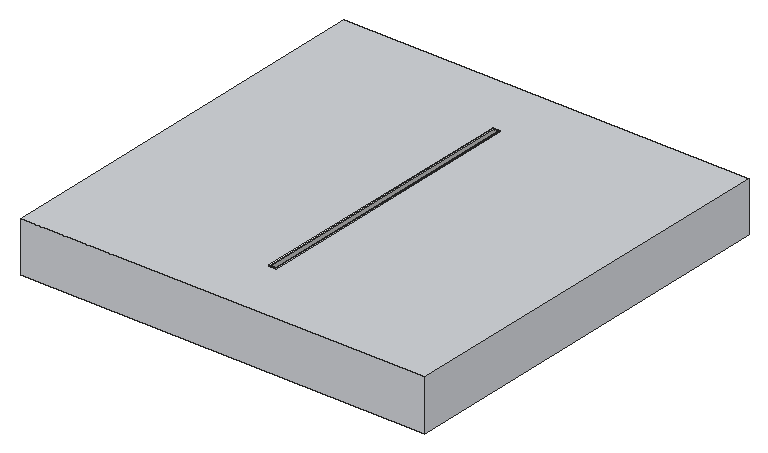
Revit family "LAMP_FIL 35 1680MM OPAL COMFORT RECESSED", category Luminarias, Revit 2018
Family settings
  Anfitrión = Cara
  Cota de conector redondo = Diámetro de uso
  Tipo de pieza = Normal
  Corte con vacíos al cargar = No
  Origen de luz = Sí
  Compartido = No
  Punto de cálculo de habitación = No
Parameters (values of type "1668LM 3000K  BLACK")
  Ángulo de inclinación = -90.00°
  Weight = 4.00 kg
  Wattage = 17.1 W
  Type = "MID POWER TRIDONIC"
  built-in parameter 1150107 = 3000 (stored number, unit not read)
  Recessed dimensions = "1688x42x0"
  built-in parameter 1150110 = 1 (stored number, unit not read)
  built-in parameter 1150109 = 1 (stored number, unit not read)
  built-in parameter 1150112 = 1 (stored number, unit not read)
  built-in parameter 1150113 = 1 (stored number, unit not read)
  built-in parameter 1114218 = 1 (stored number, unit not read)
  Protection rating = "IP20 / IK07"
  Product datasheet = "http://www.lamp.es/product-files/TECH/F31RE168LOOC830NB-EN.pdf"
  Product code = "F31RE168LOOC830NB"
  Product URL = "https://www.lamp.es/en/family/fil-35_413911"
  Power Supply = "220-240V 50/60Hz"
  Power = 16 W
  Plum = 17.1 W
  Photobiological risk = ""
  NOT COVER 2 [instance] = not(END COVER 2)  # no
  NOT COVER 1 [instance] = not(END COVER 1)  # no
  built-in parameter 1150137 = (empty or 0)
  built-in parameter 1150132 = 2
  Modelo = Product code  # "F31RE168LOOC830NB"
  Model Explanation = ""
  Material suspension = LAMP_Acero genérico
  Material perfil = LAMP_Aluminio Perfil Fil NG
  Material difusor = LAMP_PC Difusor Opal Fil
  Manufacturer name = "LAMP"
  Manufacturer country = "Spain"
  Manufacturer URL = "http://www.lamp.es/en"
  MacAdam = "3"
  Longitud de línea de emisión = 1680 mm
  Last update = "05/05/2021"
  Lamp = "MID-POWER LED"
  LED Lifetime = "50.000 L90 B10"
  built-in parameter 1150105 = 658.82 (stored number, unit not read)
  built-in parameter 1150102 = (empty or 0)
  Insulation class = "I"
  Installation instructions = "https://www.lamp.es/product-files/INS/1004590-A%20INSTR.%20FIL35.pdf"
  built-in parameter 1150106 = 6.5882 (stored number, unit not read)
  IEE = "A+"
  Gear = "Electronic"
  Lumens = 1667.25 lm
  Finish = "Matte black RAL 9011"
  Color Filter = 16777215
  built-in parameter 1114217 = 1 (stored number, unit not read)
  built-in parameter 1150139 = (empty or 0)
  Fabricante = Manufacturer name  # "LAMP"
  Default Elevation = 1219.2 mm
  built-in parameter 1150104 = 9.058 (stored number, unit not read)
  Efficacy = 97.5 lm/W
  END COVER 2 [instance] = yes
  END COVER 1 [instance] = yes
  Dimensions = "1680x45x76"
  Descripción = "FIL35 REC 1680 2400 WW OP COMF BK."
  built-in parameter 1150115 = 1 (stored number, unit not read)
  built-in parameter 1150114 = 1 (stored number, unit not read)
  built-in parameter 1150138 = (empty or 0)
  built-in parameter 1150134 = 3
  Dimming Lamp Color Temperature Shift = (empty or 0)
  CRI = "80"
  Archivo de red fotométrica = "F31RE168LOOC830NB.IES"
  built-in parameter 1150133 = 10 (stored number, unit not read)
Types (12, lengths in mm): name | built-in parameter 1150107 | Product datasheet | Product code | Modelo | Material perfil | Finish | Descripción | Archivo de red fotométrica
  1668LM 3000K DALI BLACK | 3000 (stored number, unit not read) | "http://www.lamp.es/product-files/TECH/F31RE168LOOC830DB-EN.pdf" | "F31RE168LOOC830DB" | "F31RE168LOOC830DB" | LAMP_Aluminio Perfil Fil NG | "Matte black RAL 9011" | "FIL35 REC 1680 2400 WW OP COMF DALI BK." | "F31RE168LOOC830nB.IES"
  1668LM 3000K DALI GREY | 3000 (stored number, unit not read) | "http://www.lamp.es/product-files/TECH/F31RE168LOOC830DG-EN.pdf" | "F31RE168LOOC830DG" | "F31RE168LOOC830DG" | LAMP_Aluminio Perfil Fil GR | "Gloss grey" | "FIL35 REC 1680 2400 WW OP COMF DALI GR." | "F31RE168LOOC830nG.IES"
  1668LM 3000K DALI WHITE | 3000 (stored number, unit not read) | "http://www.lamp.es/product-files/TECH/F31RE168LOOC830DW-EN.pdf" | "F31RE168LOOC830DW" | "F31RE168LOOC830DW" | LAMP_Aluminio Perfil Fil BL | "Matte white RAL 9010" | "FIL35 REC 1680 2400 WW OP COMF DALI WH." | "F31RE168LOOC830nW.IES"
  1668LM 3000K  BLACK | 3000 (stored number, unit not read) | "http://www.lamp.es/product-files/TECH/F31RE168LOOC830NB-EN.pdf" | "F31RE168LOOC830NB" | "F31RE168LOOC830NB" | LAMP_Aluminio Perfil Fil NG | "Matte black RAL 9011" | "FIL35 REC 1680 2400 WW OP COMF BK." | "F31RE168LOOC830NB.IES"
  1668LM 3000K  GREY | 3000 (stored number, unit not read) | "http://www.lamp.es/product-files/TECH/F31RE168LOOC830NG-EN.pdf" | "F31RE168LOOC830NG" | "F31RE168LOOC830NG" | LAMP_Aluminio Perfil Fil GR | "Gloss grey" | "FIL35 REC 1680 2400 WW OP COMF GR." | "F31RE168LOOC830NG.IES"
  1668LM 3000K  WHITE | 3000 (stored number, unit not read) | "http://www.lamp.es/product-files/TECH/F31RE168LOOC830NW-EN.pdf" | "F31RE168LOOC830NW" | "F31RE168LOOC830NW" | LAMP_Aluminio Perfil Fil BL | "Matte white RAL 9010" | "FIL35 REC 1680 2400 WW OP COMF WH." | "F31RE168LOOC830NW.IES"
  1668LM 4000K DALI BLACK | 4000 (stored number, unit not read) | "http://www.lamp.es/product-files/TECH/F31RE168LOOC840DB-EN.pdf" | "F31RE168LOOC840DB" | "F31RE168LOOC840DB" | LAMP_Aluminio Perfil Fil NG | "Matte black RAL 9011" | "FIL35 REC 1680 2400 NW OP COMF DALI BK." | "F31RE168LOOC840nB.IES"
  1668LM 4000K DALI GREY | 4000 (stored number, unit not read) | "http://www.lamp.es/product-files/TECH/F31RE168LOOC840DG-EN.pdf" | "F31RE168LOOC840DG" | "F31RE168LOOC840DG" | LAMP_Aluminio Perfil Fil GR | "Gloss grey" | "FIL35 REC 1680 2400 NW OP COMF DALI GR." | "F31RE168LOOC840nG.IES"
  1668LM 4000K DALI WHITE | 4000 (stored number, unit not read) | "http://www.lamp.es/product-files/TECH/F31RE168LOOC840DW-EN.pdf" | "F31RE168LOOC840DW" | "F31RE168LOOC840DW" | LAMP_Aluminio Perfil Fil BL | "Matte white RAL 9010" | "FIL35 REC 1680 2400 NW OP COMF DALI WH." | "F31RE168LOOC840nW.IES"
  1668LM 4000K  BLACK | 4000 (stored number, unit not read) | "http://www.lamp.es/product-files/TECH/F31RE168LOOC840NB-EN.pdf" | "F31RE168LOOC840NB" | "F31RE168LOOC840NB" | LAMP_Aluminio Perfil Fil NG | "Matte black RAL 9011" | "FIL35 REC 1680 2400 NW OP COMF BK." | "F31RE168LOOC840NB.IES"
  1668LM 4000K  GREY | 4000 (stored number, unit not read) | "http://www.lamp.es/product-files/TECH/F31RE168LOOC840NG-EN.pdf" | "F31RE168LOOC840NG" | "F31RE168LOOC840NG" | LAMP_Aluminio Perfil Fil GR | "Gloss grey" | "FIL35 REC 1680 2400 NW OP COMF GR." | "F31RE168LOOC840NG.IES"
  1668LM 4000K  WHITE | 4000 (stored number, unit not read) | "http://www.lamp.es/product-files/TECH/F31RE168LOOC840NW-EN.pdf" | "F31RE168LOOC840NW" | "F31RE168LOOC840NW" | LAMP_Aluminio Perfil Fil BL | "Matte white RAL 9010" | "FIL35 REC 1680 2400 NW OP COMF WH." | "F31RE168LOOC840NW.IES"
Reference planes
  plane 1 "Centro (Frontal/Posterior)": y = 0
  plane 2: z = 0
  plane 3 "Centro (Izquierda/Derecha)": x = 0
Forms (mm)
  Extrusion 1, solid
    sketch origin (0, 0, 0) x (1, 0, 0) y (0, 1, 0)
      loop
        line (-1219.2, 1219.2) -> (-1219.2, -1219.2) -> (1219.2, -1219.2) -> (1219.2, 1219.2) -> (-1219.2, 1219.2)
    from 0 to -304.8
  Extrusion 2, solid, material "LAMP_Aluminio Perfil Fil NG" <- "Material perfil"
    sketch origin (0, 0, -281.8) x (1, 0, 0) y (0, 0, 1)
      loop
        line (-17.5, 281.8) -> (-17.5, 207) -> (0, 207) -> (17.5, 207) -> (17.5, 281.8) -> (22.5, 281.8) -> (22.5, 283) -> (16.5, 283) -> (16.5, 259) -> (0, 259) -> (-16.5, 259) -> (-16.5, 283) -> (-22.5, 283) -> (-22.5, 281.8) -> (-17.5, 281.8)
    from -840 to 840
  Extrusion 3, solid, material "LAMP_PC Difusor Opal Fil" <- "Material difusor"
    sketch origin (0, 0, -281.8) x (1, 0, 0) y (0, 0, 1)
      loop
        line (-16.5, 283) -> (-16.5, 281.8) -> (16.5, 281.8) -> (16.5, 283) -> (-16.5, 283)
    from -840 to 840
Text (mm)
  text "Any modification of the parameters and properties of the LAMP BIM models must be executed and validated by the LAMP technical department.\nPhone: +34 93 736 68 00\nE-mail: lamp@lamp.es\n\nLAMP reserves the right to modify the technical specifications of its products." at (3099.4, 5332.453, -2854.88), in view "Preview"
Dimensions and locks
  aligned and locked: plane 2 to Extrusion 1
  aligned and locked: level to Extrusion 1
Nested families
  nested 1: "LAMP_FIL 35 END COVER RECESSED" at (0, -841, -74.8), visible <- "END COVER 1", type "LAMP_FIL 35 END COVER RECESSED"
  nested 2: "LAMP_FIL 35 END COVER RECESSED" at (0, 841, -74.8) x (-1, 0, 0) z (0, 0, 1), visible <- "END COVER 2", type "LAMP_FIL 35 END COVER RECESSED"
Connectors
  electrical at (0, 0, -75.3)
    settings: on Extrusion 2, index 1, voltage 230 V, apparent load 0 VA, apparent load phase1 0 VA, apparent load phase2 0 VA, apparent load phase3 0 VA, power factor 1, load classification "Otro", number of poles 1, system type 31, power factor state 1, is connector primary yes, connector utility no, sub classification motor no, connector description ""
Definition of nested family "LAMP_FIL 35 END COVER RECESSED"
  Parameters (values of type "LAMP_FIL 35 END COVER RECESSED")
    Material tapa = none
  Reference planes
    plane 1 "Centro (Frontal/Posterior)": y = 0
    plane 2: z = 0
    plane 3 "Centro (Izquierda/Derecha)": x = 0
  Forms (mm)
    Extrusion 1, solid, material <- "Material tapa"
      sketch origin (0, 0, 76.8) x (0, -1, 0) y (0, 0, -1)
        loop
          line (1, 76.8) -> (-1, 76.8) -> (-1, 0.8) -> (5, 0.8) -> (5, 2) -> (1, 2) -> (1, 76.8)
      from -22.5 to 22.5
    Extrusion 2, void
      sketch origin (-5.1, 0, 0) x (1, 0, 0) y (0, 0, 1)
        loop
          line (22.6, 74.8) -> (22.6, 0) -> (27.6, 0) -> (27.6, 74.8) -> (22.6, 74.8)
      from -23.5 to 23.5
    Extrusion 3, void
      sketch origin (5.1, 0, 0) x (1, 0, 0) y (0, 0, 1)
        loop
          line (-22.6, 74.8) -> (-27.6, 74.8) -> (-27.6, 0) -> (-22.6, 0) -> (-22.6, 74.8)
      from -23.5 to 23.5
  Cuts and joins
    Extrusion 2, Extrusion 3 cuts Extrusion 1
  Dimensions and locks
    aligned and locked: level to plane 2
